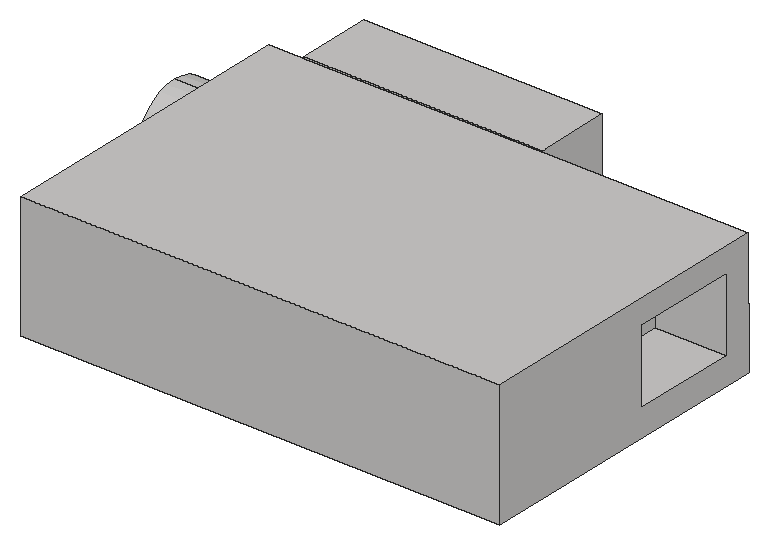
Revit family
Parameters
  Width = 2' - 2"
  Voltage = 120 V
  Unit Weight = "123.0 lbs"
  URL = "http://www.titus-hvac.com/"
  UL = "181"
  Supply Air Flow [instance] = 0 CFM
  Primary Air Pressure Drop [instance] = 0.00 in-wg
  Primary Air Flow [instance] = 0 CFM
  Plenum Air Pressure Drop [instance] = 0.00 in-wg
  Plenum Air Flow [instance] = 0 CFM
  Outlet Width = 0' - 9"
  Outlet Vertical Offset = 0' - 2 1/4"
  Outlet Horizontal Offset = 0' - 2"
  Outlet Height = 0' - 6 1/4"
  Number of Poles = 1
  Nominal Width = Width + 0' 6 1/4"  # 2' - 8 1/4"
  Nominal Length = Length + 0' 3 3/8"  # 3' - 7 5/8"
  Nominal Inlet Size = 0' - 8"
  Nominal Height = 0' - 10 5/8"
  NFPA = "90A"
  Motor Full Load Amps = 5.8 A
  Model = "DFLS"
  Min. Air Flow = 0 CFM
  Max. Air Flow = 900 CFM
  Material = Steel
  Manufacturer = "Titus"
  Length = 3' - 4 1/4"
  Juction Box Offset = 0' - 3"
  Inlet Diameter = Nominal Inlet Size - 0' 0 1/8"  # 0' - 7 7/8"
  Induced Air Inlet Vertical Offset = 0' - 0 5/8"
  Induced Air Inlet Horizontal Offset = 0' - 0 7/8"
  Induced Air Inlet Width = 1' - 2 5/8"
  Induced Air Inlet Height = 0' - 8 3/4"
  Induced Air Filter = no
  Height = 0' - 10 1/2"
  Heating Total Capacity [instance] = 0 Btu/h
  Half Outlet Connection Width = Outlet Width / 2  # 0' - 4 1/2"
  Half Outlet Connection Height = Outlet Height / 2  # 0' - 3 1/8"
  Half Height Start = -(Height / 2)  # -0' - 5 1/4"
  Half Height End = Height / 2  # 0' - 5 1/4"
  HP-Motor = "1/4"
  Frequency = 60 Hz
  Foil Face Liner = Choose Liner Option = 1  # no
  Fiber Free Liner = Choose Liner Option = 2  # no
  Fan Disconnect Switch = no
  Duct Radius = Nominal Inlet Size / 2  # 0' - 4"
  Description = "Series Fan Powered Terminal Unit, Direct Digital Control, Pressure Independent, Low Profile"
  Connection Void Radius = Connection Radius - 0' 0 1/4"  # 0' - 3 11/16"
  Connection Radius = Inlet Diameter / 2  # 0' - 3 15/16"
  Choose Liner Option = 0
  CADworks URL = "www.CADworks.net"
  Assembly Code = "D3040100"
  Apparent Power = Voltage * Motor Full Load Amps  # 696 VA
  Air Inlet Offset = 0' - 5 5/8"
  1/2" Fiberglass Liner = Choose Liner Option = 0  # yes
Reference planes (in)
  plane 1 "Center (Front/Back)": y = 0
  plane 2: z = 0
  plane 3 "Center (Left/Right)": x = 3
  plane 4: x = -17.125
  plane 5: x = 23.125
  plane 6: x = -14.125
  plane 7: x = -20.5
  plane 8 "Center (Elevation)": z = 0
  plane 9: y = -13
  plane 10: y = 13
  plane 11: y = 7.375
  plane 12: y = -12.125
  plane 13: y = 19.25
  plane 14: z = 5.25
  plane 15: z = -5.25
  plane 16: x = -11.125
  plane 17: x = 17.125
Forms (in)
  Extrusion 1, solid, material "Steel" <- "Material"
    sketch origin (0, 0, 0) x (1, 0, 0) y (0, 1, 0)
      loop
        line (-17.125, 13) -> (-17.125, -13) -> (23.125, -13) -> (23.125, 13) -> (-17.125, 13)
    from -5.25 <- "Half Height Start" to 5.25 <- "Half Height End"
  Extrusion 2, solid, material "Steel" <- "Material"
    sketch origin (4.5, 0, -4.25) x (1, 0, 0) y (0, 1, 0)
      loop
        line (-18.625, 13) -> (1.375, 13) -> (1.375, 19.25) -> (-18.625, 19.25) -> (-18.625, 13)
    from 0 to 9.625
  Extrusion 3, void
    sketch origin (23.125, 13, -0.5) x (0, 1, 0) y (0, 0, -1)
      loop
        line (-2.25, -3.75) -> (-2.25, 2.5) -> (-11.25, 2.5) -> (-11.25, -3.75) -> (-2.25, -3.75)
    from 0 to 6
  Extrusion 4, solid, material "Steel" <- "Material"
    sketch origin (-24.875, -5.125, 0) x (0, 0, -1) y (0, 1, 0)
      loop
        circle (0, 12.5) r 3.9375
    from 4.375 to 7.75
  Extrusion 5, void
    sketch origin (-24.875, 0, 0) x (0, 1, 0) y (0, 0, 1)
      loop
        circle (7.375, 0) r 3.6875
    from 4.375 to 13.75
  Extrusion 6, void
    sketch origin (-17.125, -13, 0) x (0, -1, 0) y (0, 0, -1)
      loop
        line (-15.5, -4.125) -> (-0.875, -4.125) -> (-0.875, 4.625) -> (-15.5, 4.625) -> (-15.5, -4.125)
    from 0 to 6
Cuts and joins
  Extrusion 3, Extrusion 5, Extrusion 6 cuts Extrusion 1
  Extrusion 5 cuts Extrusion 4
Dimensions and locks (in)
  "Length": plane 5 to plane 4
  equal spacing: plane 5, plane 3 "Center (Left/Right)", plane 4, locked at 20.125 each
  locked: Extrusion 2 to Extrusion 2 at 20
  "Juction Box Offset": plane 6 to plane 4
  "Outlet Height": Extrusion 3 sketch curve to Extrusion 3 sketch curve
  "Outlet Width": Extrusion 3 sketch curve to Extrusion 3 sketch curve
  locked: plane 4 to plane 7 at 3.375
  "Width": plane 9 to plane 10
  equal spacing: plane 9, plane 1 "Center (Front/Back)", plane 10, locked at 13 each
  locked: Extrusion 2 to Extrusion 2 at 6.25
  locked: cut or joined group of Extrusion 4, Extrusion 5 to plane 11 at 0
  locked: Extrusion 5 sketch curve to plane 11 at 0  (x2)
  "Air Inlet Offset": plane 10 to plane 11
  locked: cut or joined group of Extrusion 4, Extrusion 5 to cut or joined group of Extrusion 4, Extrusion 5 at 3.375
  "Outlet Horizontal Offset": Extrusion 3 sketch curve to cut or joined group of Extrusion 1, Extrusion 3, Extrusion 5, Extrusion 6
  "Induced Air Inlet Horizontal Offset": plane 9 to plane 12
  "Induced Air Inlet Width": Extrusion 6 sketch curve to Extrusion 6 sketch curve
  "Induced Air Inlet Height": Extrusion 6 sketch curve to Extrusion 6 sketch curve
  "Induced Air Inlet Horizontal Offset": Extrusion 6 sketch curve to plane 9
  "Outlet Vertical Offset": Extrusion 3 sketch curve to plane 10
  locked: Extrusion 4 sketch curve to level at 0
  locked: Extrusion 4 sketch curve to plane 11 at 0
  locked: Extrusion 5 sketch curve to level at 0
  "Induced Air Inlet Vertical Offset": cut or joined group of Extrusion 1, Extrusion 3, Extrusion 5, Extrusion 6 to Extrusion 6 sketch curve
  locked: Extrusion 2 to Extrusion 2 at 9.625
  locked: plane 15 to Extrusion 2 at 1
  equal spacing: plane 14, level, plane 15, locked at 5.25 each
  locked: plane 4 to plane 16 at 6
  locked: plane 17 to plane 5 at 6
  "Connection Radius": radius of Extrusion 4 sketch curve
  "Connection Void Radius": radius of Extrusion 5 sketch curve
  aligned and locked: plane 13 to Extrusion 2
  aligned and locked: plane 6 to Extrusion 2
  aligned and locked: plane 10 to cut or joined group of Extrusion 1, Extrusion 3, Extrusion 5, Extrusion 6
  aligned and locked: plane 4 to cut or joined group of Extrusion 1, Extrusion 3, Extrusion 5, Extrusion 6  (x2)
  aligned and locked: plane 5 to cut or joined group of Extrusion 1, Extrusion 3, Extrusion 5, Extrusion 6  (x2)
  aligned and locked: plane 9 to cut or joined group of Extrusion 1, Extrusion 3, Extrusion 5, Extrusion 6
  aligned and locked: plane 14 to cut or joined group of Extrusion 1, Extrusion 3, Extrusion 5, Extrusion 6
  aligned and locked: plane 15 to cut or joined group of Extrusion 1, Extrusion 3, Extrusion 5, Extrusion 6
  aligned and locked: plane 10 to Extrusion 2
  aligned and locked: Extrusion 3 to plane 17
  aligned and locked: Extrusion 6 to Extrusion 5
  aligned and locked: plane 17 to cut or joined group of Extrusion 1, Extrusion 3, Extrusion 5, Extrusion 6
  aligned and locked: plane 16 to cut or joined group of Extrusion 1, Extrusion 3, Extrusion 5, Extrusion 6  (x2)
  aligned and locked: plane 7 to cut or joined group of Extrusion 4, Extrusion 5  (x2)
  aligned and locked: plane 4 to cut or joined group of Extrusion 4, Extrusion 5
  aligned and locked: plane 12 to cut or joined group of Extrusion 1, Extrusion 3, Extrusion 5, Extrusion 6
Automatic sketch dimensions
  Extrusion 1 sketch curve to plane 4 = 0' - 0"
  plane 5 to Extrusion 1 sketch curve = 0' - 0"
  Extrusion 1 sketch curve to plane 9 = 0' - 0"
  Extrusion 1 sketch curve to plane 10 = 0' - 0"
  Extrusion 2 sketch curve to plane 6 = 0' - 0"
  Extrusion 2 sketch curve to plane 10 = 0' - 0"
  Extrusion 2 sketch curve to plane 5 = 1' - 5 1/4"
  Extrusion 2 sketch curve to Extrusion 2 sketch curve = 0' - 6 1/4"
Connectors (in)
  electrical at (-4.125, 19.25, 0.5625), driven by "Apparent Power", driven by "Voltage", driven by "Number of Poles"
    settings: on Extrusion 2, index 8
  hvac at (-20.5, 7.375, 0), driven by "Duct Radius", driven by "Primary Air Pressure Drop", driven by "Primary Air Flow"
    settings: on cut or joined group of Extrusion 4, Extrusion 5, index 9
  hvac at (-17.125, -4.8125, -0.25), driven by "Induced Air Inlet Height", driven by "Induced Air Inlet Width", driven by "Plenum Air Pressure Drop", driven by "Plenum Air Flow"
    settings: on cut or joined group of Extrusion 1, Extrusion 3, Extrusion 5, Extrusion 6, index 10
  hvac at (23.125, 6.25, 0.125), driven by "Outlet Height", driven by "Outlet Width", driven by "Supply Air Flow"
    settings: on cut or joined group of Extrusion 1, Extrusion 3, Extrusion 5, Extrusion 6, index 11
